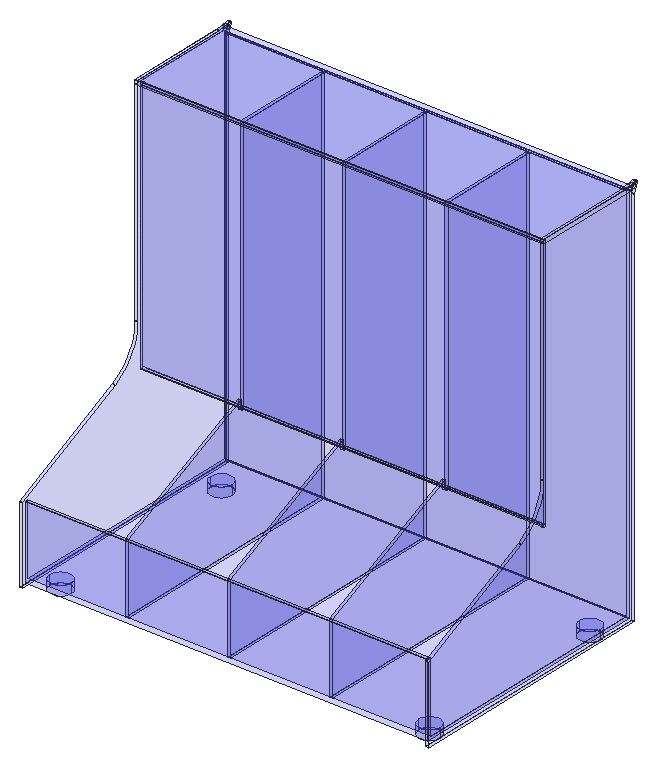
Revit family "QF_Vollrath_CFIFO-4", category Specialty Equipment, Revit 2016
Family settings
  Part Type = Normal
  Round Connector Dimension = Use Diameter
  OmniClass Number = 23.40.40.14.24
  OmniClass Title = Food Dispensing Equipment
  Work Plane-Based = Yes
  Always vertical = Yes
  Cut with Voids When Loaded = No
  Shared = No
  Room Calculation Point = No
Parameters
  Weight in Pounds = 0
  Watermarked By = ""
  URL Cutsheet = ""
  URL = "www.vollrath.com"
  Specification by User [instance] = ""
  Specification by Manufacturer [instance] = ""
  Serial Number [instance] = ""
  Revision Code [instance] = ""
  NAFEM Spec ID Number [instance] = ""
  Model = "CFIFO-4"
  Material = QF_Glass-Cast-Clear
  Masterspec [instance] = ""
  Manufacturer = "Vollrath"
  Item Number [instance] = "-"
  Installed By [instance] = ""
  Furnished By [instance] = ""
  Foodservice Equipment Identifier = yes
  Description = "Condiment Dispenser"
  Default Elevation = 48.00"
  CSI MasterFormat = ""
Reference planes (in)
  plane 1 "BACK": y = 12.24978
  plane 2 "BOTTOM": z = 0
  plane 3 "LEFT": x = -16.56573
  plane 4 "RIGHT": x = -0.00073
  plane 5 "FRONT": y = 1.80478
  plane 6 "BASE TOP": z = 0.275
  plane 7: x = -16.44073
  plane 8: x = -0.12573
  plane 9: x = -8.28323
  plane 10: x = -8.22073
  plane 11: x = -8.34573
  plane 12: x = -12.42448
  plane 13: x = -4.14198
  plane 14: x = -12.36198
  plane 15: x = -12.48698
  plane 16: x = -4.07948
  plane 17: x = -4.20448
  plane 18: z = 16.165
  plane 19: y = 7.64228
  plane 20: z = 3.3941
  plane 21: z = 6.1496
  plane 22: y = 12.12478
  plane 23: y = 11.99978
  plane 24: y = 1.92978
  plane 25: y = 2.05478
  plane 26: z = 15.973
  plane 27: y = 7.76728
  plane 28: y = 7.89228
  plane 29: z = 0.4
  plane 30: z = 0.52428
  plane 31: z = 5.96604
Forms (in)
  Extrusion 1, solid, material "QF_Glass-Cast-Clear" <- "Material"
    sketch origin (-16.56573, 0, 0) x (0, 1, 0) y (0, 0, 1)
      loop
        line (11.76058, 16.165) -> (7.64228, 16.165) -> (7.64228, 7.41715)
        arc (7.64228, 7.41715) -> (7.33158, 6.34651) -> (6.49602, 5.60852) r 2
        line (6.49602, 5.60852) -> (1.80478, 3.3941) -> (1.80478, 0.275) -> (12.24978, 0.275) -> (12.24978, 15.78712) -> (12.37256, 16.165)
        arc (12.37256, 16.165) -> (12.37131, 16.22757) -> (12.31397, 16.25265) r 0.05805
        line (12.31397, 16.25265) -> (11.76058, 16.165)
      loop
        circle (12.21473, 16.09934) r 0.07728
    from 0 to 0.125
  Extrusion 2, solid, material "QF_Glass-Cast-Clear" <- "Material"
    sketch origin (-0.12573, 0, 0) x (0, 1, 0) y (0, 0, 1)
      loop
        line (11.76058, 16.165) -> (7.64228, 16.165) -> (7.64228, 7.41715)
        arc (7.64228, 7.41715) -> (7.33158, 6.34651) -> (6.49602, 5.60852) r 2
        line (6.49602, 5.60852) -> (1.80478, 3.3941) -> (1.80478, 0.275) -> (12.24978, 0.275) -> (12.24978, 15.78712) -> (12.37256, 16.165)
        arc (12.37256, 16.165) -> (12.37131, 16.22757) -> (12.31397, 16.25265) r 0.05805
        line (12.31397, 16.25265) -> (11.76058, 16.165)
      loop
        circle (12.21473, 16.09934) r 0.07728
    from 0 to 0.125
  Extrusion 3, solid, material "QF_Glass-Cast-Clear" <- "Material"
    sketch origin (-16.56573, 0, 0) x (0, 1, 0) y (0, 0, 1)
      loop
        line (2.05478, 3.3941) -> (1.92978, 3.3941) -> (1.92978, 0.4) -> (12.12478, 0.4) -> (12.12478, 15.973) -> (11.99978, 15.973) -> (11.99978, 0.52428) -> (2.05478, 0.52428) -> (2.05478, 3.3941)
    from 0.125 to 16.44
  Extrusion 4, solid, material "QF_Glass-Cast-Clear" <- "Material"
    sketch origin (-16.56573, 0, 0) x (0, 1, 0) y (0, 0, 1)
      loop
        line (7.89228, 5.67275) -> (7.89228, 15.973)
        arc (7.89228, 15.973) -> (7.82978, 16.0355) -> (7.76728, 15.973) r 0.0625
        line (7.76728, 15.973) -> (7.76728, 5.67275)
        arc (7.76728, 5.67275) -> (7.82978, 5.61025) -> (7.89228, 5.67275) r 0.0625
    from 0.125 to 16.44
  Extrusion 5, solid, material "QF_Glass-Cast-Clear"
    sketch origin (-16.56573, 0, 0) x (0, 1, 0) y (0, 0, 1)
      loop
        line (11.99978, 15.973) -> (7.89228, 15.973) -> (7.89228, 5.55309) -> (7.76728, 5.55309) -> (7.76728, 5.96604) -> (2.05478, 3.3941) -> (2.05478, 0.52428) -> (11.99978, 0.52428) -> (11.99978, 15.973)
    from 4.07875 to 4.20375
  Extrusion 6, solid, material "QF_Glass-Cast-Clear"
    sketch origin (-12.42448, 0, 0) x (0, 1, 0) y (0, 0, 1)
      loop
        line (11.99978, 15.973) -> (7.89228, 15.973) -> (7.89228, 5.55309) -> (7.76728, 5.55309) -> (7.76728, 5.96604) -> (2.05478, 3.3941) -> (2.05478, 0.52428) -> (11.99978, 0.52428) -> (11.99978, 15.973)
    from 4.07875 to 4.20375
  Extrusion 7, solid, material "QF_Glass-Cast-Clear"
    sketch origin (-8.28323, 0, 0) x (0, 1, 0) y (0, 0, 1)
      loop
        line (11.99978, 15.973) -> (7.89228, 15.973) -> (7.89228, 5.55309) -> (7.76728, 5.55309) -> (7.76728, 5.96604) -> (2.05478, 3.3941) -> (2.05478, 0.52428) -> (11.99978, 0.52428) -> (11.99978, 15.973)
    from 4.07875 to 4.20375
  Extrusion 8, solid, material "QF_Glass-Cast-Clear" <- "Material"
    sketch origin (0.52752, 12.09133, 0) x (1, 0, 0) y (0, 1, 0)
      loop
        circle (-16.30776, -9.1882) r 0.44
      loop
        circle (-16.30526, -1.0632) r 0.44
      loop
        circle (-1.36776, -9.1882) r 0.44
      loop
        circle (-1.36776, -1.0632) r 0.44
    from 0 to 0.4
  Extrusion 9, solid, material "QF_Glass-Cast-Clear" <- "Material"
    sketch origin (-16.56573, 0, 0) x (0, 1, 0) y (0, 0, 1)
      loop
        line (12.12478, 16.165) -> (7.64228, 16.165) -> (7.64228, 15.973) -> (12.12478, 15.973) -> (12.12478, 16.165)
    from 0 to 16.565
Lines and regions (in)
  symbolic lines
    curve 1: line (-16.56573, 12.24978, 9.875) -> (-16.44073, 12.24978, 9.875)
    curve 2: line (-16.56573, 1.80478, 9.875) -> (-16.56573, 12.24978, 9.875)
    curve 3: line (-16.44073, 1.80478, 9.875) -> (-16.56573, 1.80478, 9.875)
    curve 4: line (-16.44073, 12.24978, 9.875) -> (-16.44073, 1.80478, 9.875)
    curve 5: line (-0.12573, 12.24978, 9.875) -> (-0.00073, 12.24978, 9.875)
    curve 6: line (-0.12573, 1.80478, 9.875) -> (-0.12573, 12.24978, 9.875)
    curve 7: line (-0.00073, 1.80478, 9.875) -> (-0.12573, 1.80478, 9.875)
    curve 8: line (-0.00073, 12.24978, 9.875) -> (-0.00073, 1.80478, 9.875)
    curve 9: line (-16.44073, 2.05478, 9.875) -> (-0.12573, 2.05478, 9.875)
    curve 10: line (-0.12573, 1.92978, 9.875) -> (-16.44073, 1.92978, 9.875)
    curve 11: line (-16.44073, 7.64228, 9.875) -> (-0.12573, 7.64228, 9.875)
    curve 12: line (-16.44073, 7.76728, 9.875) -> (-0.12573, 7.76728, 9.875)
    curve 13: line (-16.44073, 11.99978, 9.875) -> (-0.12573, 11.99978, 9.875)
    curve 14: line (-16.44073, 12.12478, 9.875) -> (-0.12573, 12.12478, 9.875)
    curve 15: line (-12.48698, 11.99978, 9.875) -> (-12.48698, 7.76728, 9.875)
    curve 16: line (-12.36198, 11.99978, 9.875) -> (-12.36198, 7.76728, 9.875)
    curve 17: line (-8.34573, 11.99978, 9.875) -> (-8.34573, 7.76728, 9.875)
    curve 18: line (-8.22073, 11.99978, 9.875) -> (-8.22073, 7.76728, 9.875)
    curve 19: line (-4.20448, 11.99978, 9.875) -> (-4.20448, 7.76728, 9.875)
    curve 20: line (-4.07948, 11.99978, 9.875) -> (-4.07948, 7.76728, 9.875)
Dimensions and locks (in)
  locked: plane 3 "LEFT" to plane 4 "RIGHT" at 16.565
  locked: plane 5 "FRONT" to plane 1 "BACK" at 10.445
  locked: plane 6 "BASE TOP" to level at 0.275
  locked: plane 3 "LEFT" to plane 7 at 0.125
  locked: plane 8 to plane 4 "RIGHT" at 0.125
  equal spacing: plane 3 "LEFT", plane 12, plane 9, plane 13, plane 4 "RIGHT"
  plane 11 to plane 9 to plane 10 = 0.0625" locked, 0.0625" locked
  plane 15 to plane 14 = 0.125"
  locked: plane 18 to plane 6 "BASE TOP" at 15.89
  locked: plane 1 "BACK" to plane 19 at 4.6075
  locked: plane 20 to plane 6 "BASE TOP" at 3.1191
  plane 21 to plane 20 = 2.7555"
  locked: plane 1 "BACK" to plane 22 at 0.125
  locked: plane 22 to plane 23 at 0.125
  locked: plane 24 to plane 5 "FRONT" at 0.125
  locked: plane 25 to plane 24 at 0.125
  locked: plane 18 to plane 26 at 0.192
  locked: plane 27 to plane 19 at 0.125
  locked: plane 28 to plane 27 at 0.125
  locked: plane 29 to plane 6 "BASE TOP" at 0.125
  locked: plane 30 to plane 29 at 0.12428
  locked: plane 21 to plane 31 at 0.18356
  aligned and locked: level to plane 2 "BOTTOM"
  aligned and locked: plane 7 to Extrusion 1
  aligned and locked: Extrusion 3 to plane 7
  aligned and locked: plane 8 to Extrusion 3
  aligned and locked: Extrusion 4 sketch curve to plane 28
  aligned and locked: Extrusion 4 sketch curve to plane 27
  aligned and locked: plane 8 to Extrusion 4
  aligned and locked: Extrusion 4 to plane 8
  aligned and locked: Extrusion 4 to plane 7
  aligned and locked: plane 14 to Extrusion 5
  aligned and locked: Extrusion 5 to plane 15
  aligned and locked: Extrusion 2 sketch curve to Extrusion 1  (x5)
  aligned and locked: plane 18 to Extrusion 9 sketch curve
  aligned and locked: Extrusion 9 sketch curve to plane 26
  aligned and locked: plane 19 to Extrusion 9 sketch curve
  aligned and locked: plane 4 "RIGHT" to Extrusion 9
  aligned and locked: plane 3 "LEFT" to curve 2
  aligned and locked: curve 3 to Extrusion 1
  aligned and locked: curve 4 to Extrusion 1
  aligned and locked: curve 6 to Extrusion 2
  aligned and locked: curve 7 to Extrusion 2
  aligned and locked: curve 8 to Extrusion 2
Automatic sketch dimensions
  Extrusion 2 sketch curve to plane 5 "FRONT" = 0.00"
  Extrusion 2 sketch curve to plane 18 = 0.00"
  Extrusion 2 sketch curve to plane 19 = 0.00"
  Extrusion 2 sketch curve to plane 6 "BASE TOP" = 0.00"
  Extrusion 2 sketch curve to plane 20 = 0.00"
  Extrusion 2 sketch curve to Extrusion 2 sketch curve = 2.00"
  Extrusion 2 sketch curve to plane 31 = 0.35751"
  plane 19 to Extrusion 2 sketch curve = 1.14627"
  Extrusion 3 sketch curve to plane 24 = 0.00"
  Extrusion 3 sketch curve to plane 25 = 0.00"
  Extrusion 3 sketch curve to plane 23 = 0.00"
  Extrusion 3 sketch curve to plane 22 = 0.00"
  Extrusion 3 sketch curve to plane 29 = 0.00"
  Extrusion 3 sketch curve to plane 30 = 0.00"
  Extrusion 3 sketch curve to plane 20 = 0.00"
  Extrusion 3 sketch curve to plane 26 = 0.00"
  Extrusion 4 sketch curve to plane 26 = 0.00"
  Extrusion 4 sketch curve to plane 31 = 0.29329"
  Extrusion 5 sketch curve to plane 25 = 0.00"
  Extrusion 5 sketch curve to plane 27 = 0.00"
  Extrusion 5 sketch curve to plane 28 = 0.00"
  Extrusion 5 sketch curve to plane 23 = 0.00"
  Extrusion 5 sketch curve to plane 30 = 0.00"
  Extrusion 5 sketch curve to plane 20 = 0.00"
  Extrusion 5 sketch curve to plane 31 = 0.00"
  Extrusion 5 sketch curve to plane 26 = 0.00"
  Extrusion 5 sketch curve to Extrusion 5 sketch curve = 0.41295"
  Extrusion 6 sketch curve to plane 25 = 0.00"
  Extrusion 6 sketch curve to plane 27 = 0.00"
  Extrusion 6 sketch curve to plane 28 = 0.00"
  Extrusion 6 sketch curve to plane 23 = 0.00"
  Extrusion 6 sketch curve to plane 30 = 0.00"
  Extrusion 6 sketch curve to plane 20 = 0.00"
  Extrusion 6 sketch curve to plane 31 = 0.00"
  Extrusion 6 sketch curve to plane 26 = 0.00"
  Extrusion 6 sketch curve to Extrusion 6 sketch curve = 0.41295"
  Extrusion 7 sketch curve to plane 25 = 0.00"
  Extrusion 7 sketch curve to plane 27 = 0.00"
  Extrusion 7 sketch curve to plane 28 = 0.00"
  Extrusion 7 sketch curve to plane 23 = 0.00"
  Extrusion 7 sketch curve to plane 30 = 0.00"
  Extrusion 7 sketch curve to plane 20 = 0.00"
  Extrusion 7 sketch curve to plane 31 = 0.00"
  Extrusion 7 sketch curve to plane 26 = 0.00"
  Extrusion 7 sketch curve to Extrusion 7 sketch curve = 0.41295"
  plane 7 to Extrusion 8 sketch curve = 0.66299"
  plane 7 to Extrusion 8 sketch curve = 0.66049"
  Extrusion 8 sketch curve to plane 8 = 0.71451"  (x2)
  Extrusion 8 sketch curve to plane 25 = 0.84835"  (x2)
  plane 23 to Extrusion 8 sketch curve = 0.97165"  (x2)
  Extrusion 1 sketch curve to plane 5 "FRONT" = 0.00"
  Extrusion 1 sketch curve to plane 18 = 0.00"  (x2)
  Extrusion 1 sketch curve to plane 19 = 0.00"
  Extrusion 1 sketch curve to plane 1 "BACK" = 0.00"
  Extrusion 1 sketch curve to plane 6 "BASE TOP" = 0.00"
  Extrusion 1 sketch curve to plane 20 = 0.00"
  Extrusion 1 sketch curve to Extrusion 1 sketch curve = 2.00"
  Extrusion 1 sketch curve to plane 31 = 0.35751"
  plane 19 to Extrusion 1 sketch curve = 1.14627"
  plane 23 to Extrusion 1 sketch curve = 0.2392"
  plane 1 "BACK" to Extrusion 1 sketch curve = 0.03505"
  plane 18 to Extrusion 1 sketch curve = 0.03031"
  Extrusion 1 sketch curve to plane 1 "BACK" = 0.07327"
  Extrusion 1 sketch curve to plane 26 = 0.18588"
  Extrusion 1 sketch curve to plane 18 = 0.06566"
  Extrusion 1 sketch curve to Extrusion 1 sketch curve = 0.00908"
  Extrusion 1 sketch curve to Extrusion 1 sketch curve = 0.04951"
  Extrusion 2 sketch curve to Extrusion 2 sketch curve = 0.0586"
  Extrusion 2 sketch curve to plane 1 "BACK" = 0.00"
  Extrusion 9 sketch curve to plane 22 = 0.00"
  plane 24 to curve 10 = 0.00"
  plane 25 to curve 9 = 0.00"
  plane 19 to curve 11 = 0.00"
  curve 15 to plane 15 = 0.00"
  plane 27 to curve 15 = 0.00"
  curve 17 to plane 11 = 0.00"
  curve 16 to plane 14 = 0.00"
  plane 23 to curve 16 = 0.00"
  plane 22 to curve 14 = 0.00"
  plane 1 "BACK" to curve 5 = 0.00"
  plane 1 "BACK" to curve 4 = 0.00"
  curve 20 to plane 16 = 0.00"
  curve 19 to plane 17 = 0.00"
  curve 18 to plane 10 = 0.00"
  radius of Extrusion 8 sketch curve = 0.44"  (x4)
  radius of Extrusion 1 sketch curve = 0.07728"
